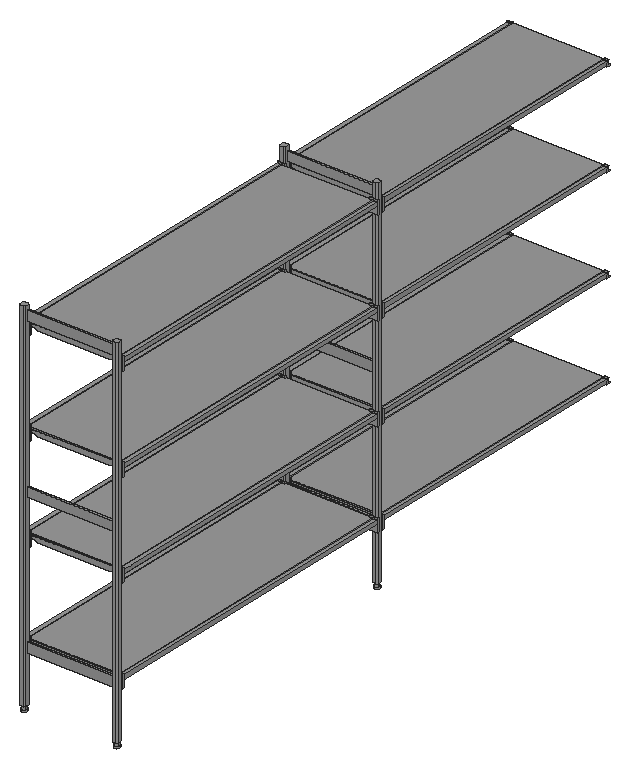
Revit family "QF_ELECTROLUXPROFESSIONAL_137089_CLS2903", category Attrezzature speciali, Revit 2020
Family settings
  Quota connettore circolare = Usa diametro
  Tipo di parte = Normale
  Basato su piano di lavoro = No
  Sempre verticale = Sì
  Taglio con vuoti quando caricato = No
  Condiviso = No
  Punto di calcolo locali = No
Parameters (values of type "Standard")
  Weight = 48.00 kg
  Watts = 0 W
  Volts = 0 V
  URL Manufacturer = "https://www.electroluxprofessional.com/"
  URL = "https://www.electroluxprofessional.com/"
  Steam Supply Size = 0 mm
  Steam Supply Minimum Pressure = 0.0 Pa
  Steam Supply Maximum Pressure = 0.0 Pa
  Steam Consumption per Hour = 0
  Refrigeration Suction Line Size = 0.0 mm
  Refrigeration Liquid Line Size = 0.0 mm
  Refrigerant Compressor Remote = yes
  Prospetto di default = 0.0 mm
  Phase = 0
  Modello = "CLS2903"
  Produttore = "Electrolux Professional"
  Length Actual = 2907.0 mm  # constant formula
  Item Number = "137089"
  Hot Water Size = 0 mm
  Height Actual = 1700.0 mm  # constant formula
  HP = "0 HP"
  Gas Size = 0 mm
  Gas KW = 0
  Gas Input Pressure = 0 W
  Direct Waste Size = 0 mm
  Descrizione = "ALUM.CORNER SHELV.-POLY.TIERS-475X2907MM"
  Depth Actual = 475.0 mm  # constant formula
  Cycle = 0 Hz
  Condensate Return Size = 0 mm
  Compressed Air Volume = 0.0 L/s
  Compressed Air Size = 0 mm
  Compressed Air Pressure = 0.0 Pa
  Cold Water Size = 0 mm
  Accessory = yes
Reference planes
  plane 1: z = 0
  plane 2 "CenterLeft": y = -535.5
  plane 3 "FRONT": y = -921.5
  plane 4 "LEFT": x = 192.5
  plane 5 "RIGHT": x = 667.5
  plane 6 "TOP": z = 1700
  plane 7: y = -889.5
  plane 8: y = 615.5
  plane 9 "Center (Left/Back)": x = 430
  plane 10: x = 256
  plane 11: x = 668
  plane 12 "FEET": z = 25
  plane 13: z = 275
  plane 14: z = 725
  plane 15: z = 1175
  plane 16: z = 1625
  plane 17 "CXLeft": y = -907.5
  plane 18 "Center (Front/Back)": y = 633.5
  plane 19 "CYFront": x = 510
  plane 20: y = 1981.5
  plane 21: y = 651.5
  plane 22 "BACK": y = 1985.5
  plane 23 "LEFT_ORIGIN": x = 158.5
  plane 24 "BACK_ORIGIN": y = 2460.5
Forms (mm)
  Extrusion 1, solid, material "QF_Aluminum"
    sketch origin (38.022, -921.5, -4.006) x (-1, 0, 0) y (0, 0, 1)
      loop
        line (-189.5, 1637.003) -> (-173.5, 1637.003) -> (-173.5, 1655) -> (-175.493, 1655) -> (-175.493, 1648.501) -> (-608.5, 1648.501) -> (-608.5, 1655) -> (-610.5, 1655) -> (-610.5, 1637.003) -> (-594.5, 1637.003) -> (-560.5, 1625) -> (-223.5, 1625) -> (-189.5, 1637.003)
      loop
        line (-189.5, 1187.003) -> (-173.5, 1187.003) -> (-173.5, 1205) -> (-175.493, 1205) -> (-175.493, 1198.501) -> (-608.5, 1198.501) -> (-608.5, 1205) -> (-610.5, 1205) -> (-610.5, 1187.003) -> (-594.5, 1187.003) -> (-560.5, 1175) -> (-223.5, 1175) -> (-189.5, 1187.003)
      loop
        line (-189.5, 737.003) -> (-173.5, 737.003) -> (-173.5, 755) -> (-175.493, 755) -> (-175.493, 748.501) -> (-608.5, 748.501) -> (-608.5, 755) -> (-610.5, 755) -> (-610.5, 737.003) -> (-594.5, 737.003) -> (-560.5, 725) -> (-223.5, 725) -> (-189.5, 737.003)
      loop
        line (-189.5, 287.003) -> (-173.5, 287.003) -> (-173.5, 305) -> (-175.493, 305) -> (-175.493, 298.501) -> (-608.5, 298.501) -> (-608.5, 305) -> (-610.5, 305) -> (-610.5, 287.003) -> (-594.5, 287.003) -> (-560.5, 275) -> (-223.5, 275) -> (-189.5, 287.003)
    from 37 to 32
  Extrusion 2, solid, material "QF_Aluminum"
    sketch origin (38.022, -921.5, 0) x (-1, 0, 0) y (0, 0, 1)
      loop
        line (-154.478, 246.005) -> (-154.478, 307.993) -> (-190.471, 307.993) -> (-190.471, 246.005) -> (-154.478, 246.005)
      loop
        line (-593.484, 246.005) -> (-593.484, 307.993) -> (-629.478, 307.993) -> (-629.478, 246.005) -> (-593.484, 246.005)
      loop
        line (-154.478, 696.005) -> (-154.478, 757.993) -> (-190.471, 757.993) -> (-190.471, 696.005) -> (-154.478, 696.005)
      loop
        line (-593.484, 696.005) -> (-593.484, 757.993) -> (-629.478, 757.993) -> (-629.478, 696.005) -> (-593.484, 696.005)
      loop
        line (-154.478, 1146.005) -> (-154.478, 1207.993) -> (-190.471, 1207.993) -> (-190.471, 1146.005) -> (-154.478, 1146.005)
      loop
        line (-593.484, 1146.005) -> (-593.484, 1207.993) -> (-629.478, 1207.993) -> (-629.478, 1146.005) -> (-593.484, 1146.005)
      loop
        line (-154.478, 1596.005) -> (-154.478, 1657.993) -> (-190.471, 1657.993) -> (-190.471, 1596.005) -> (-154.478, 1596.005)
      loop
        line (-593.484, 1596.005) -> (-593.484, 1657.993) -> (-629.478, 1657.993) -> (-629.478, 1596.005) -> (-593.484, 1596.005)
    from 28 to 32
  Extrusion 3, solid, material "QF_Aluminum"
    sketch origin (38.022, -921.5, 0) x (-1, 0, 0) y (0, 0, 1)
      loop
        line (-154.5, 1650.994) -> (-173.5, 1650.994) -> (-173.5, 1632.998) -> (-154.5, 1632.998) -> (-154.5, 1650.994)
      loop
        line (-154.5, 1200.994) -> (-173.5, 1200.994) -> (-173.5, 1182.998) -> (-154.5, 1182.998) -> (-154.5, 1200.994)
      loop
        line (-154.5, 750.994) -> (-173.5, 750.994) -> (-173.5, 732.998) -> (-154.5, 732.998) -> (-154.5, 750.994)
      loop
        line (-154.5, 300.994) -> (-173.5, 300.994) -> (-173.5, 282.998) -> (-154.5, 282.998) -> (-154.5, 300.994)
      loop
        line (-629.455, 1650.994) -> (-629.455, 1632.998) -> (-610.455, 1632.998) -> (-610.455, 1650.994) -> (-629.455, 1650.994)
      loop
        line (-629.455, 1200.994) -> (-629.455, 1182.998) -> (-610.455, 1182.998) -> (-610.455, 1200.994) -> (-629.455, 1200.994)
      loop
        line (-629.455, 750.994) -> (-629.455, 732.998) -> (-610.455, 732.998) -> (-610.455, 750.994) -> (-629.455, 750.994)
      loop
        line (-629.455, 300.994) -> (-629.455, 282.998) -> (-610.455, 282.998) -> (-610.455, 300.994) -> (-629.455, 300.994)
    from 32 to 1537
  Extrusion 4, solid, material "QF_Polyethylene"
    sketch origin (38.022, -921.5, 0) x (-1, 0, 0) y (0, 0, 1)
      loop
        line (-175.493, 1650.994) -> (-608.5, 1650.994) -> (-608.5, 1644.496) -> (-175.493, 1644.496) -> (-175.493, 1650.994)
      loop
        line (-175.493, 1200.994) -> (-608.5, 1200.994) -> (-608.5, 1194.496) -> (-175.493, 1194.496) -> (-175.493, 1200.994)
      loop
        line (-175.493, 750.994) -> (-608.5, 750.994) -> (-608.5, 744.496) -> (-175.493, 744.496) -> (-175.493, 750.994)
      loop
        line (-175.493, 300.994) -> (-608.5, 300.994) -> (-608.5, 294.496) -> (-175.493, 294.496) -> (-175.493, 300.994)
    from 32 to 1537
  Extrusion 5, solid, material "QF_Aluminum"
    sketch origin (38.022, 684.5, 0) x (-1, 0, 0) y (0, 0, 1)
      loop
        line (-154.5, 1650.994) -> (-173.5, 1650.994) -> (-173.5, 1632.998) -> (-154.5, 1632.998) -> (-154.5, 1650.994)
      loop
        line (-610.455, 1650.994) -> (-629.455, 1650.994) -> (-629.455, 1632.998) -> (-610.455, 1632.998) -> (-610.455, 1650.994)
      loop
        line (-154.5, 1200.994) -> (-173.5, 1200.994) -> (-173.5, 1182.998) -> (-154.5, 1182.998) -> (-154.5, 1200.994)
      loop
        line (-610.455, 1200.994) -> (-629.455, 1200.994) -> (-629.455, 1182.998) -> (-610.455, 1182.998) -> (-610.455, 1200.994)
      loop
        line (-154.5, 750.994) -> (-173.5, 750.994) -> (-173.5, 732.998) -> (-154.5, 732.998) -> (-154.5, 750.994)
      loop
        line (-610.455, 750.994) -> (-629.455, 750.994) -> (-629.455, 732.998) -> (-610.455, 732.998) -> (-610.455, 750.994)
      loop
        line (-154.5, 300.994) -> (-173.5, 300.994) -> (-173.5, 282.998) -> (-154.5, 282.998) -> (-154.5, 300.994)
      loop
        line (-610.455, 300.994) -> (-629.455, 300.994) -> (-629.455, 282.998) -> (-610.455, 282.998) -> (-610.455, 300.994)
    from 1297 to -33
  Extrusion 6, solid, material "QF_Polyethylene"
    sketch origin (38.022, 684.5, 0) x (-1, 0, 0) y (0, 0, 1)
      loop
        line (-175.493, 1650.994) -> (-608.5, 1650.994) -> (-608.5, 1644.496) -> (-175.493, 1644.496) -> (-175.493, 1650.994)
      loop
        line (-175.493, 1200.994) -> (-608.5, 1200.994) -> (-608.5, 1194.496) -> (-175.493, 1194.496) -> (-175.493, 1200.994)
      loop
        line (-175.493, 750.994) -> (-608.5, 750.994) -> (-608.5, 744.496) -> (-175.493, 744.496) -> (-175.493, 750.994)
      loop
        line (-175.493, 300.994) -> (-608.5, 300.994) -> (-608.5, 294.496) -> (-175.493, 294.496) -> (-175.493, 300.994)
    from 1297 to -33
Lines and regions (mm)
  symbolic lines
    curve 1: line (256, -912.5, 1700) -> (668, -912.5, 1700)
    curve 2: line (668, -902.5, 1700) -> (256, -902.5, 1700)
    curve 3: line (192.5, -893.5, 1700) -> (192.5, 619.5, 1700)
    curve 4: line (667.5, -889.5, 1700) -> (667.5, 615.5, 1700)
    curve 5: line (192.5, 647.5, 1700) -> (192.5, 1985.5, 1700)
    curve 6: line (667.5, 647.5, 1700) -> (667.5, 1985.5, 1700)
    curve 7: line (648.478, 615.5, 1700) -> (648.478, -889.5, 1700)
    curve 8: line (211.522, -889.5, 1700) -> (211.522, 615.5, 1700)
    curve 9: line (211.522, 651.5, 1700) -> (211.522, 1981.5, 1700)
    curve 10: line (648.478, 1981.5, 1700) -> (648.478, 651.5, 1700)
Dimensions and locks
  plane 3 "FRONT" to plane 2 "CenterLeft" = 386.0 mm
  locked: plane 6 "TOP" to level at 1700
  locked: plane 7 to plane 8 at 1505
  locked: plane 10 to plane 11 at 412
  plane 10 to plane 9 "Center (Left/Back)" to plane 11 = 174.0 mm, 238.0 mm
  equal spacing: plane 4 "LEFT", plane 9 "Center (Left/Back)", plane 5 "RIGHT"
  plane 12 "FEET" to level = 25.0 mm
  plane 6 "TOP" to plane 12 "FEET" = 1675.0 mm
  plane 13 to plane 12 "FEET" = 250.0 mm
  plane 14 to plane 13 = 450.0 mm
  plane 15 to plane 14 = 450.0 mm
  plane 16 to plane 15 = 450.0 mm
  locked: plane 21 to plane 20 at 1330
  locked: plane 8 to plane 18 "Center (Front/Back)" at 18
  locked: plane 18 "Center (Front/Back)" to plane 21 at 18
  locked: plane 3 "FRONT" to plane 7 at 32
  locked: plane 4 "LEFT" to plane 5 "RIGHT" at 475
  locked: plane 23 "LEFT_ORIGIN" to plane 5 "RIGHT" at 509
  locked: plane 22 "BACK" to plane 24 "BACK_ORIGIN" at 475
  locked: plane 22 "BACK" to plane 3 "FRONT" at 2907
  aligned and locked: level to plane 1
  aligned and locked: Extrusion 1 to plane 7
  aligned and locked: plane 7 to Extrusion 2
  aligned and locked: Extrusion 4 to plane 7
  aligned and locked: plane 8 to Extrusion 4
  aligned and locked: Extrusion 3 to plane 7
  aligned and locked: plane 8 to Extrusion 3
  aligned and locked: Extrusion 1 sketch curve to Extrusion 1 sketch curve  (x3)
  aligned and locked: Extrusion 5 sketch curve to Extrusion 5 sketch curve  (x2)
  aligned and locked: Extrusion 5 to plane 21  (x5)
  aligned and locked: Extrusion 6 to plane 21  (x5)
  aligned and locked: nested 2 to plane 18 "Center (Front/Back)"
  aligned and locked: plane 17 "CXLeft" to nested 1
  aligned and locked: plane 7 to Extrusion 3  (x3)
  aligned and locked: Extrusion 3 to plane 8  (x4)
  aligned and locked: Extrusion 4 to plane 8  (x4)
  aligned and locked: plane 20 to Extrusion 5
  aligned and locked: plane 20 to Extrusion 6
  aligned and locked: Extrusion 5 to plane 20  (x3)
  aligned and locked: Extrusion 6 to plane 20  (x3)
  aligned and locked: plane 9 "Center (Left/Back)" to nested 2
  aligned and locked: nested 3 to plane 22 "BACK"
Automatic sketch dimensions
  Extrusion 1 sketch curve to plane 19 "CYFront" = 138.522 mm  (x4)
  plane 11 to Extrusion 1 sketch curve = 35.478 mm  (x4)
  Extrusion 1 sketch curve to plane 13 = 4.006 mm
  Extrusion 1 sketch curve to Extrusion 1 sketch curve = 34.0 mm  (x4)
  Extrusion 1 sketch curve to plane 14 = 4.006 mm
  Extrusion 1 sketch curve to plane 15 = 4.006 mm
  Extrusion 1 sketch curve to plane 16 = 4.006 mm
  Extrusion 1 sketch curve to plane 10 = 5.522 mm  (x4)
  plane 10 to Extrusion 1 sketch curve = 28.478 mm  (x4)
  plane 13 to Extrusion 1 sketch curve = 7.998 mm  (x2)
  Extrusion 1 sketch curve to Extrusion 1 sketch curve = 11.498 mm  (x4)
  Extrusion 1 sketch curve to Extrusion 1 sketch curve = 6.499 mm  (x8)
  plane 14 to Extrusion 1 sketch curve = 7.998 mm  (x2)
  plane 15 to Extrusion 1 sketch curve = 7.998 mm  (x2)
  plane 16 to Extrusion 1 sketch curve = 7.998 mm  (x2)
  plane 5 "RIGHT" to Extrusion 2 sketch curve = 35.993 mm  (x4)
  Extrusion 2 sketch curve to plane 4 "LEFT" = 0.0 mm  (x4)
  plane 11 to Extrusion 2 sketch curve = 0.5 mm  (x4)
  plane 10 to Extrusion 2 sketch curve = 27.507 mm  (x4)
  Extrusion 2 sketch curve to plane 13 = 28.995 mm  (x2)
  plane 13 to Extrusion 2 sketch curve = 32.993 mm  (x2)
  Extrusion 2 sketch curve to plane 14 = 28.995 mm  (x2)
  plane 14 to Extrusion 2 sketch curve = 32.993 mm  (x2)
  Extrusion 2 sketch curve to plane 15 = 28.995 mm  (x2)
  plane 15 to Extrusion 2 sketch curve = 32.993 mm  (x2)
  Extrusion 2 sketch curve to plane 16 = 28.995 mm  (x2)
  plane 16 to Extrusion 2 sketch curve = 32.993 mm  (x2)
  plane 13 to Extrusion 4 sketch curve = 19.496 mm
  Extrusion 4 sketch curve to Extrusion 4 sketch curve = 6.499 mm  (x4)
  plane 14 to Extrusion 4 sketch curve = 19.496 mm
  plane 15 to Extrusion 4 sketch curve = 19.496 mm
  plane 16 to Extrusion 4 sketch curve = 19.496 mm
  plane 5 "RIGHT" to Extrusion 5 sketch curve = 0.022 mm  (x4)
  Extrusion 5 sketch curve to plane 4 "LEFT" = 19.022 mm  (x4)
  Extrusion 5 sketch curve to plane 19 "CYFront" = 138.478 mm  (x2)
  plane 13 to Extrusion 5 sketch curve = 7.998 mm  (x2)
  Extrusion 5 sketch curve to Extrusion 5 sketch curve = 17.997 mm  (x8)
  plane 14 to Extrusion 5 sketch curve = 7.998 mm  (x2)
  plane 15 to Extrusion 5 sketch curve = 7.998 mm  (x2)
  plane 16 to Extrusion 5 sketch curve = 7.998 mm  (x2)
  Extrusion 6 sketch curve to plane 19 "CYFront" = 136.522 mm  (x4)
  plane 13 to Extrusion 6 sketch curve = 19.496 mm
  Extrusion 6 sketch curve to Extrusion 6 sketch curve = 6.499 mm  (x4)
  plane 14 to Extrusion 6 sketch curve = 19.496 mm
  plane 15 to Extrusion 6 sketch curve = 19.496 mm
  plane 16 to Extrusion 6 sketch curve = 19.496 mm
  plane 5 "RIGHT" to Extrusion 3 sketch curve = 0.022 mm  (x4)
  Extrusion 3 sketch curve to Extrusion 3 sketch curve = 19.0 mm  (x4)
  plane 14 to Extrusion 3 sketch curve = 7.998 mm  (x2)
  plane 10 to Extrusion 3 sketch curve = 44.478 mm  (x4)
  Extrusion 3 sketch curve to plane 4 "LEFT" = 0.022 mm  (x4)
  plane 13 to Extrusion 3 sketch curve = 25.994 mm  (x2)
  plane 13 to Extrusion 3 sketch curve = 7.998 mm  (x2)
  Extrusion 3 sketch curve to Extrusion 3 sketch curve = 17.997 mm  (x6)
  plane 15 to Extrusion 3 sketch curve = 7.998 mm  (x2)
  plane 16 to Extrusion 3 sketch curve = 7.998 mm  (x2)
  plane 10 to Extrusion 1 sketch curve = 42.484 mm  (x4)
  plane 10 to Extrusion 1 sketch curve = 44.478 mm  (x2)
  Extrusion 1 sketch curve to Extrusion 1 sketch curve = 1.993 mm  (x2)
  plane 10 to Extrusion 4 sketch curve = 42.484 mm  (x4)
  Extrusion 5 sketch curve to plane 4 "LEFT" = 0.022 mm  (x4)
  plane 10 to Extrusion 6 sketch curve = 42.484 mm  (x4)
  Extrusion 1 sketch curve to Extrusion 1 sketch curve = 2.0 mm
  plane 5 "RIGHT" to Extrusion 4 sketch curve = 20.978 mm  (x4)
  curve 1 to plane 11 = 0.0 mm
  curve 1 to plane 10 = 0.0 mm
  curve 2 to plane 10 = 0.0 mm
  curve 2 to plane 11 = 0.0 mm
  curve 3 to plane 4 "LEFT" = 0.0 mm
  curve 4 to plane 5 "RIGHT" = 0.0 mm
  plane 7 to curve 4 = 0.0 mm
  plane 7 to curve 8 = 0.0 mm
  plane 8 to curve 8 = 0.0 mm
  plane 8 to curve 7 = 0.0 mm
  plane 8 to curve 4 = 0.0 mm
  curve 5 to plane 4 "LEFT" = 0.0 mm
  curve 6 to plane 5 "RIGHT" = 0.0 mm
  plane 20 to curve 9 = 0.0 mm
  plane 22 "BACK" to curve 5 = 0.0 mm
  plane 22 "BACK" to curve 6 = 0.0 mm
  plane 7 to curve 3 = 4.0 mm
  plane 17 "CXLeft" to curve 2 = 5.0 mm
  curve 1 to plane 17 "CXLeft" = 5.0 mm
  curve 3 to plane 8 = 4.0 mm
  curve 6 to plane 21 = 4.0 mm
  curve 9 to plane 4 "LEFT" = 19.022 mm
  curve 8 to plane 4 "LEFT" = 19.022 mm
  curve 9 to plane 21 = 0.0 mm
  plane 21 to curve 10 = 0.0 mm
  curve 5 to plane 21 = 4.0 mm
  plane 7 to curve 7 = 0.0 mm
  curve 4 to curve 7 = 19.022 mm
  plane 20 to curve 10 = 0.0 mm
  plane 5 "RIGHT" to curve 10 = 19.022 mm
Nested families
  nested 1: "WT_Anta475" at (215.5, -504.5, 0) x (0, 1, 0) z (0, 0, 1), type "WT_Anta475"
  nested 2: "WT_Anta475Center" at (215.5, 1036.5, 0) x (0, 1, 0) z (0, 0, 1), type "WT_Anta475Center"
  nested 3: "WT_Aggancio475" at (215.5, 2393.5, 0) x (0, 1, 0) z (0, 0, 1), type "WT_Aggancio475"
Definition of nested family "WT_Anta475"
  Parameters
    WidthLeft = A + 64.0 mm  # 772.0 mm
    Width = 1606.0 mm
    Right = WidthLeft / 2  # 386.0 mm
    Default Elevation = 0.0 mm
    Left = -WidthLeft / 2  # -386.0 mm
    Height = 1725.0 mm
    FEET = 25.0 mm
    E = 0.0 mm
    Dint = Depth - 63.0 mm  # 412.0 mm
    Dext = Depth - 8.0 mm  # 467.0 mm
    Depth = 475.0 mm
    DX = (WidthLeft - A) / 2  # 32.0 mm
    B = 798.0 mm
    A = 708.0 mm
  Reference planes
    plane 1: z = 0
    plane 2 "LEFT": x = -417
    plane 3 "BACK": y = 23
    plane 4 "FRONT": y = -452
    plane 5 "TOP": z = 1725
    plane 6 "Center (Front/Back)": y = -214.5
    plane 7: y = -8.5
    plane 8: y = -420.5
    plane 9 "FEET": z = 25
    plane 10: z = 275
    plane 11: z = 725
    plane 12: z = 1175
    plane 13: z = 1625
    plane 14 "CXLeft": x = -403
    plane 15: y = 5.5
    plane 16 "CYBack": y = 5.5
    plane 17 "CYFront": y = -434.5
    plane 18: x = -385.031
    plane 19: x = -380.031
  Forms (mm)
    Extrusion 1, solid
      sketch origin (0, 0, 0) x (1, 0, 0) y (0, 1, 0)
        loop
          line (-417, 13.246) -> (-417, -2.246) -> (-410.746, -8.5) -> (-395.254, -8.5) -> (-389, -2.246) -> (-389, 13.246) -> (-395.254, 19.5) -> (-410.746, 19.5) -> (-417, 13.246)
      from 1725 to 25
    Extrusion 2, solid
      sketch origin (-417, 0, 0) x (0, 1, 0) y (0, 0, 1)
        loop
          line (23, 246.005) -> (23, 307.993) -> (-12.993, 307.993) -> (-12.993, 246.005) -> (23, 246.005)
        loop
          line (-452, 246.005) -> (-416.007, 246.005) -> (-416.007, 307.993) -> (-452, 307.993) -> (-452, 246.005)
        loop
          line (23, 696.005) -> (23, 757.993) -> (-12.993, 757.993) -> (-12.993, 696.005) -> (23, 696.005)
        loop
          line (-452, 696.005) -> (-416.007, 696.005) -> (-416.007, 757.993) -> (-452, 757.993) -> (-452, 696.005)
        loop
          line (23, 1146.005) -> (23, 1207.993) -> (-12.993, 1207.993) -> (-12.993, 1146.005) -> (23, 1146.005)
        loop
          line (-452, 1146.005) -> (-416.007, 1146.005) -> (-416.007, 1207.993) -> (-452, 1207.993) -> (-452, 1146.005)
        loop
          line (23, 1596.005) -> (23, 1657.993) -> (-12.993, 1657.993) -> (-12.993, 1596.005) -> (23, 1596.005)
        loop
          line (-452, 1596.005) -> (-416.007, 1596.005) -> (-416.007, 1657.993) -> (-452, 1657.993) -> (-452, 1596.005)
      from 28 to 32
    Revolve 3, solid
      sketch origin (-403, 0, 0) x (0, 1, 0) y (0, 0, 1)
        loop
          line (5.5, 25) -> (5.5, 0) -> (19, 0) -> (19, 5) -> (14, 5) -> (14, 25) -> (5.5, 25)
        axis (5.5, 25) -> (5.5, 0)
      angle from 0 to 360
    Extrusion 4, solid
      sketch origin (-403, 0, 0) x (0, 1, 0) y (0, 0, 1)
        loop
          line (-8.5, 912.382) -> (-8.5, 957.374) -> (-420.5, 957.374) -> (-420.5, 912.382) -> (-8.5, 912.382)
        loop
          line (-8.5, 1662.244) -> (-8.5, 1707.236) -> (-420.5, 1707.236) -> (-420.5, 1662.244) -> (-8.5, 1662.244)
      from -5 to 5
    Revolve 5, solid
      sketch origin (-403, -627, 0) x (0, -1, 0) y (0, 0, 1)
        loop
          line (-192.5, 25) -> (-192.5, 0) -> (-179, 0) -> (-179, 5) -> (-184, 5) -> (-184, 25) -> (-192.5, 25)
        axis (-192.5, 25) -> (-192.5, 0)
      angle from 0 to 360
    Extrusion 6, solid
      sketch origin (0, -627, 0) x (1, 0, 0) y (0, 1, 0)
        loop
          line (-417, 184.754) -> (-410.746, 178.5) -> (-395.254, 178.5) -> (-389, 184.754) -> (-389, 200.246) -> (-395.254, 206.5) -> (-410.746, 206.5) -> (-417, 200.246) -> (-417, 184.754)
      from 1725 to 25
    Extrusion 7, solid
      sketch origin (-417.031, -0.022, 0) x (0, 1, 0) y (0, 0, -1)
        loop
          line (-12, -1632.998) -> (-46, -1620.994) -> (-383, -1620.994) -> (-417, -1632.998) -> (-433, -1632.998) -> (-433, -1650.994) -> (-431, -1650.994) -> (-431, -1644.496) -> (2.007, -1644.496) -> (2.007, -1650.994) -> (4, -1650.994) -> (4, -1632.998) -> (-12, -1632.998)
        loop
          line (-12, -1182.998) -> (-46, -1170.994) -> (-383, -1170.994) -> (-417, -1182.998) -> (-433, -1182.998) -> (-433, -1200.994) -> (-431, -1200.994) -> (-431, -1194.496) -> (2.007, -1194.496) -> (2.007, -1200.994) -> (4, -1200.994) -> (4, -1182.998) -> (-12, -1182.998)
        loop
          line (-12, -732.998) -> (-46, -720.994) -> (-383, -720.994) -> (-417, -732.998) -> (-433, -732.998) -> (-433, -750.994) -> (-431, -750.994) -> (-431, -744.496) -> (2.007, -744.496) -> (2.007, -750.994) -> (4, -750.994) -> (4, -732.998) -> (-12, -732.998)
        loop
          line (-12, -282.998) -> (-46, -270.994) -> (-383, -270.994) -> (-417, -282.998) -> (-433, -282.998) -> (-433, -300.994) -> (-431, -300.994) -> (-431, -294.496) -> (2.007, -294.496) -> (2.007, -300.994) -> (4, -300.994) -> (4, -282.998) -> (-12, -282.998)
      from -32 to -37
    Extrusion 8, solid
      sketch origin (-403, 0, -659.878) x (0, 1, 0) y (0, 0, 1)
        loop
          line (-8.5, 912.382) -> (-8.5, 957.374) -> (-420.5, 957.374) -> (-420.5, 912.382) -> (-8.5, 912.382)
        loop
          line (-8.5, 1572.382) -> (-8.5, 1617.374) -> (-420.5, 1617.374) -> (-420.5, 1572.382) -> (-8.5, 1572.382)
        loop
          line (-8.5, 2322.382) -> (-8.5, 2367.374) -> (-420.5, 2367.374) -> (-420.5, 2322.382) -> (-8.5, 2322.382)
      from -5 to 5
  Lines and regions (mm)
    symbolic lines
      curve 1: line (-408, -8.5, 1725) -> (-408, -420.5, 1725)
      curve 2: line (-398, -420.5, 1725) -> (-398, -8.5, 1725)
      curve 3: line (-395.254, -8.5, 1725) -> (-410.746, -8.5, 1725)
      curve 4: line (-417, -2.246, 1725) -> (-410.746, -8.5, 1725)
      curve 5: line (-417, 13.246, 1725) -> (-417, -2.246, 1725)
      curve 6: line (-410.746, 19.5, 1725) -> (-417, 13.246, 1725)
      curve 7: line (-395.254, 19.5, 1725) -> (-410.746, 19.5, 1725)
      curve 8: line (-389, 13.246, 1725) -> (-395.254, 19.5, 1725)
      curve 9: line (-395.254, -8.5, 1725) -> (-389, -2.246, 1725)
      curve 10: line (-395.254, -420.5, 1725) -> (-410.746, -420.5, 1725)
      curve 11: line (-417, -426.754, 1725) -> (-410.746, -420.5, 1725)
      curve 12: line (-410.746, -448.5, 1725) -> (-417, -442.246, 1725)
      curve 13: line (-395.254, -448.5, 1725) -> (-410.746, -448.5, 1725)
      curve 14: line (-389, -442.246, 1725) -> (-395.254, -448.5, 1725)
      curve 15: line (-395.254, -420.5, 1725) -> (-389, -426.754, 1725)
      curve 16: line (-389, -452, 1725) -> (-389, -416.007, 1725)
      curve 17: line (-389, -416.007, 1725) -> (-385, -416.007, 1725)
      curve 18: line (-389, 23, 1725) -> (-389, -12.993, 1725)
      curve 19: line (-389, -12.993, 1725) -> (-385, -12.993, 1725)
      curve 20: line (-417, -426.754, 1725) -> (-417, -442.246, 1725)
      curve 21: line (-385, -452, 1725) -> (-385, -416.007, 1725)
      curve 22: line (-385, -452, 1725) -> (-389, -452, 1725)
      curve 23: line (-385, 23, 1725) -> (-389, 23, 1725)
      curve 24: line (-385, -12.993, 1725) -> (-385, 23, 1725)
      curve 25: line (-385.031, -13.016, 1725) -> (-385.031, -416.029, 1725)
  Dimensions and locks
    "Height": plane 5 "TOP" to level
    "Depth": plane 3 "BACK" to plane 4 "FRONT"
    "Dint": plane 7 to plane 8
    equal spacing: plane 7, plane 6 "Center (Front/Back)", plane 8
    equal spacing: plane 3 "BACK", plane 6 "Center (Front/Back)", plane 4 "FRONT"
    plane 9 "FEET" to level = 25.0 mm
    plane 5 "TOP" to plane 9 "FEET" = 1700.0 mm
    plane 10 to plane 9 "FEET" = 250.0 mm
    plane 11 to plane 10 = 450.0 mm
    plane 12 to plane 11 = 450.0 mm
    plane 13 to plane 12 = 450.0 mm
    locked: plane 2 "LEFT" to plane 14 "CXLeft" at 14
    locked: plane 3 "BACK" to plane 16 "CYBack" at 17.5
    locked: plane 17 "CYFront" to plane 4 "FRONT" at 17.5
    locked: Revolve 3 sketch curve to Revolve 3 sketch curve at 8.5
    locked: Revolve 3 sketch curve to plane 16 "CYBack" at 13.5
    locked: Revolve 5 sketch curve to Revolve 5 sketch curve at 8.5
    aligned and locked: level to plane 1
    aligned and locked: curve 20 to Extrusion 6
    aligned and locked: plane 5 "TOP" to Extrusion 1
    aligned and locked: plane 5 "TOP" to Extrusion 6
    aligned and locked: Extrusion 7 sketch curve to Extrusion 7 sketch curve  (x3)
  Automatic sketch dimensions
    curve 16 to plane 4 "FRONT" = 0.0 mm
    curve 11 to plane 8 = 0.0 mm
    curve 9 to plane 7 = 0.0 mm
    curve 5 to plane 2 "LEFT" = 0.0 mm
    curve 23 to plane 3 "BACK" = 0.0 mm
    plane 4 "FRONT" to curve 13 = 3.5 mm
    curve 20 to plane 17 "CYFront" = 7.746 mm
    curve 20 to plane 8 = 6.254 mm
    plane 8 to curve 16 = 4.493 mm
    curve 24 to plane 18 = 0.031 mm
    curve 24 to plane 7 = 4.493 mm
    plane 7 to curve 5 = 6.254 mm
    curve 5 to plane 15 = 7.746 mm
    curve 6 to plane 3 "BACK" = 3.5 mm
    curve 21 to plane 18 = 0.031 mm
    plane 18 to curve 23 = 3.969 mm
    plane 18 to curve 16 = 3.969 mm
    curve 18 to curve 8 = 6.254 mm
    curve 18 to curve 3 = 6.254 mm
    curve 16 to curve 13 = 6.254 mm
    curve 16 to curve 15 = 6.254 mm
    plane 2 "LEFT" to curve 10 = 6.254 mm
    plane 2 "LEFT" to curve 7 = 6.254 mm
    plane 2 "LEFT" to curve 12 = 6.254 mm
    plane 2 "LEFT" to curve 3 = 6.254 mm
    curve 14 to plane 17 "CYFront" = 7.746 mm
    curve 15 to plane 8 = 6.254 mm
    plane 7 to curve 9 = 6.254 mm
    curve 8 to plane 15 = 7.746 mm
    curve 3 to curve 2 = 2.746 mm
    curve 1 to curve 10 = 2.746 mm
    Extrusion 1 sketch curve to plane 2 "LEFT" = 0.0 mm
    Extrusion 1 sketch curve to plane 7 = 0.0 mm
    plane 2 "LEFT" to Extrusion 1 sketch curve = 6.254 mm  (x2)
    plane 14 "CXLeft" to Extrusion 1 sketch curve = 7.746 mm  (x2)
    Extrusion 1 sketch curve to plane 3 "BACK" = 3.5 mm
    plane 18 to Extrusion 1 sketch curve = 3.969 mm
    plane 7 to Extrusion 1 sketch curve = 6.254 mm  (x2)
    Extrusion 1 sketch curve to plane 15 = 7.746 mm  (x2)
    Extrusion 2 sketch curve to plane 4 "FRONT" = 0.0 mm  (x4)
    Extrusion 2 sketch curve to plane 3 "BACK" = 0.0 mm  (x4)
    plane 8 to Extrusion 2 sketch curve = 4.493 mm  (x4)
    Extrusion 2 sketch curve to plane 7 = 4.493 mm  (x4)
    Extrusion 2 sketch curve to plane 10 = 28.995 mm  (x2)
    plane 10 to Extrusion 2 sketch curve = 32.993 mm  (x2)
    Extrusion 2 sketch curve to plane 11 = 28.995 mm  (x2)
    plane 11 to Extrusion 2 sketch curve = 32.993 mm  (x2)
    Extrusion 2 sketch curve to plane 12 = 28.995 mm  (x2)
    plane 12 to Extrusion 2 sketch curve = 32.993 mm  (x2)
    Extrusion 2 sketch curve to plane 13 = 28.995 mm  (x2)
    plane 13 to Extrusion 2 sketch curve = 32.993 mm  (x2)
    Revolve 3 sketch curve to plane 9 "FEET" = 0.0 mm  (x2)
    Revolve 3 sketch curve to plane 15 = 0.0 mm  (x2)
    Revolve 3 sketch curve to level = 0.0 mm
    level to Revolve 3 sketch curve = 5.0 mm
    Revolve 3 sketch curve to Revolve 3 sketch curve = 11.655 mm
    Extrusion 4 sketch curve to plane 8 = 0.0 mm  (x2)
    Extrusion 4 sketch curve to plane 7 = 0.0 mm  (x2)
    plane 11 to Extrusion 4 sketch curve = 187.382 mm
    Extrusion 4 sketch curve to Extrusion 4 sketch curve = 44.992 mm
    plane 13 to Extrusion 4 sketch curve = 37.244 mm
    Extrusion 4 sketch curve to plane 5 "TOP" = 17.764 mm
    Revolve 5 sketch curve to plane 9 "FEET" = 0.0 mm  (x2)
    Revolve 5 sketch curve to plane 17 "CYFront" = 0.0 mm  (x2)
    Revolve 5 sketch curve to level = 0.0 mm
    Revolve 5 sketch curve to plane 4 "FRONT" = 4.0 mm
    Revolve 5 sketch curve to Revolve 5 sketch curve = 5.0 mm
    level to Revolve 5 sketch curve = 11.655 mm
    Extrusion 6 sketch curve to plane 2 "LEFT" = 0.0 mm
    Extrusion 6 sketch curve to plane 8 = 0.0 mm
    Extrusion 6 sketch curve to plane 2 "LEFT" = 6.254 mm  (x2)
    Extrusion 6 sketch curve to plane 14 "CXLeft" = 7.746 mm  (x2)
    Extrusion 6 sketch curve to plane 4 "FRONT" = 3.5 mm
    Extrusion 6 sketch curve to plane 18 = 3.969 mm
    plane 8 to Extrusion 6 sketch curve = 6.254 mm  (x2)
    plane 17 "CYFront" to Extrusion 6 sketch curve = 7.746 mm  (x2)
    plane 17 "CYFront" to Extrusion 7 sketch curve = 1.478 mm  (x4)
    Extrusion 7 sketch curve to Extrusion 7 sketch curve = 2.0 mm
    plane 8 to Extrusion 7 sketch curve = 3.478 mm  (x4)
    Extrusion 7 sketch curve to plane 10 = 4.006 mm
    Extrusion 7 sketch curve to Extrusion 7 sketch curve = 34.0 mm  (x4)
    Extrusion 7 sketch curve to plane 11 = 4.006 mm
    Extrusion 7 sketch curve to plane 12 = 4.006 mm
    Extrusion 7 sketch curve to plane 13 = 4.006 mm
    Extrusion 7 sketch curve to plane 7 = 37.522 mm  (x4)
    Extrusion 7 sketch curve to plane 7 = 3.522 mm  (x4)
    plane 15 to Extrusion 7 sketch curve = 3.516 mm  (x4)
    plane 15 to Extrusion 7 sketch curve = 1.522 mm  (x4)
    plane 13 to Extrusion 7 sketch curve = 7.998 mm  (x2)
    Extrusion 7 sketch curve to Extrusion 7 sketch curve = 11.498 mm
    Extrusion 7 sketch curve to Extrusion 7 sketch curve = 6.499 mm  (x5)
    plane 12 to Extrusion 7 sketch curve = 25.994 mm  (x2)
    plane 12 to Extrusion 7 sketch curve = 7.998 mm  (x2)
    plane 11 to Extrusion 7 sketch curve = 25.994 mm  (x2)
    plane 11 to Extrusion 7 sketch curve = 7.998 mm  (x2)
    plane 10 to Extrusion 7 sketch curve = 25.994 mm  (x2)
    plane 10 to Extrusion 7 sketch curve = 7.998 mm  (x2)
    curve 25 to plane 18 = 0.0 mm
    plane 8 to curve 25 = 4.471 mm
    curve 25 to plane 7 = 4.516 mm
    Extrusion 8 sketch curve to plane 8 = 0.0 mm  (x3)
    Extrusion 8 sketch curve to plane 7 = 0.0 mm  (x3)
    Extrusion 8 sketch curve to plane 10 = 22.496 mm
    plane 10 to Extrusion 8 sketch curve = 22.496 mm
    plane 11 to Extrusion 8 sketch curve = 187.504 mm
    Extrusion 8 sketch curve to Extrusion 8 sketch curve = 44.992 mm
    plane 13 to Extrusion 8 sketch curve = 37.504 mm
    Extrusion 8 sketch curve to plane 5 "TOP" = 17.504 mm
Definition of nested family "WT_Anta475Center"
  Parameters
    WidthLeft = A + 64.0 mm  # 772.0 mm
    Width = 1606.0 mm
    Right = WidthLeft / 2  # 386.0 mm
    Default Elevation = 0.0 mm
    Left = -WidthLeft / 2  # -386.0 mm
    Height = 1725.0 mm
    FEET = 25.0 mm
    E = 0.0 mm
    Dint = Depth - 63.0 mm  # 412.0 mm
    Dext = Depth - 8.0 mm  # 467.0 mm
    Depth = 475.0 mm
    DX = (WidthLeft - A) / 2  # 32.0 mm
    B = 798.0 mm
    A = 708.0 mm
  Reference planes
    plane 1: z = 0
    plane 2 "L": x = -417
    plane 3 "BACK": y = 23
    plane 4 "FRONT": y = -452
    plane 5 "TOP": z = 1725
    plane 6 "Center (Front/Back)": y = -214.5
    plane 7: y = -8.5
    plane 8: y = -420.5
    plane 9 "FEET": z = 25
    plane 10: z = 275
    plane 11: z = 725
    plane 12: z = 1175
    plane 13: z = 1625
    plane 14 "CXLeft": x = -403
    plane 15: y = 5.5
    plane 16 "CYBack": y = 5.5
    plane 17 "CYFront": y = -434.5
    plane 18: x = -385.031
    plane 19 "RIGHT": x = -380.031
    plane 20: x = -420.969
    plane 21 "LEFT": x = -425.969
  Forms (mm)
    Extrusion 1, solid
      sketch origin (0, 0, 0) x (1, 0, 0) y (0, 1, 0)
        loop
          line (-417, 13.246) -> (-417, -2.246) -> (-410.746, -8.5) -> (-395.254, -8.5) -> (-389, -2.246) -> (-389, 13.246) -> (-395.254, 19.5) -> (-410.746, 19.5) -> (-417, 13.246)
      from 1725 to 25
    Extrusion 2, solid
      sketch origin (-417, 0, 0) x (0, 1, 0) y (0, 0, 1)
        loop
          line (23, 246.005) -> (23, 307.993) -> (-12.993, 307.993) -> (-12.993, 246.005) -> (23, 246.005)
        loop
          line (-452, 246.005) -> (-416.007, 246.005) -> (-416.007, 307.993) -> (-452, 307.993) -> (-452, 246.005)
        loop
          line (23, 696.005) -> (23, 757.993) -> (-12.993, 757.993) -> (-12.993, 696.005) -> (23, 696.005)
        loop
          line (-452, 696.005) -> (-416.007, 696.005) -> (-416.007, 757.993) -> (-452, 757.993) -> (-452, 696.005)
        loop
          line (23, 1146.005) -> (23, 1207.993) -> (-12.993, 1207.993) -> (-12.993, 1146.005) -> (23, 1146.005)
        loop
          line (-452, 1146.005) -> (-416.007, 1146.005) -> (-416.007, 1207.993) -> (-452, 1207.993) -> (-452, 1146.005)
        loop
          line (23, 1596.005) -> (23, 1657.993) -> (-12.993, 1657.993) -> (-12.993, 1596.005) -> (23, 1596.005)
        loop
          line (-452, 1596.005) -> (-416.007, 1596.005) -> (-416.007, 1657.993) -> (-452, 1657.993) -> (-452, 1596.005)
      from 28 to 32
    Revolve 3, solid
      sketch origin (-403, 0, 0) x (0, 1, 0) y (0, 0, 1)
        loop
          line (5.5, 25) -> (5.5, 0) -> (19, 0) -> (19, 5) -> (14, 5) -> (14, 25) -> (5.5, 25)
        axis (5.5, 25) -> (5.5, 0)
      angle from 0 to 360
    Extrusion 4, solid
      sketch origin (-403, 0, 0) x (0, 1, 0) y (0, 0, 1)
        loop
          line (-8.5, 912.382) -> (-8.5, 957.374) -> (-420.5, 957.374) -> (-420.5, 912.382) -> (-8.5, 912.382)
        loop
          line (-8.5, 1662.244) -> (-8.5, 1707.236) -> (-420.5, 1707.236) -> (-420.5, 1662.244) -> (-8.5, 1662.244)
      from -5 to 5
    Revolve 5, solid
      sketch origin (-403, -627, 0) x (0, -1, 0) y (0, 0, 1)
        loop
          line (-192.5, 25) -> (-192.5, 0) -> (-179, 0) -> (-179, 5) -> (-184, 5) -> (-184, 25) -> (-192.5, 25)
        axis (-192.5, 25) -> (-192.5, 0)
      angle from 0 to 360
    Extrusion 6, solid
      sketch origin (0, -627, 0) x (1, 0, 0) y (0, 1, 0)
        loop
          line (-417, 184.754) -> (-410.746, 178.5) -> (-395.254, 178.5) -> (-389, 184.754) -> (-389, 200.246) -> (-395.254, 206.5) -> (-410.746, 206.5) -> (-417, 200.246) -> (-417, 184.754)
      from 1725 to 25
    Extrusion 7, solid
      sketch origin (-417.031, -0.022, 0) x (0, 1, 0) y (0, 0, -1)
        loop
          line (-12, -1632.998) -> (-46, -1620.994) -> (-383, -1620.994) -> (-417, -1632.998) -> (-433, -1632.998) -> (-433, -1650.994) -> (-431, -1650.994) -> (-431, -1644.496) -> (2.007, -1644.496) -> (2.007, -1650.994) -> (4, -1650.994) -> (4, -1632.998) -> (-12, -1632.998)
        loop
          line (-12, -1182.998) -> (-46, -1170.994) -> (-383, -1170.994) -> (-417, -1182.998) -> (-433, -1182.998) -> (-433, -1200.994) -> (-431, -1200.994) -> (-431, -1194.496) -> (2.007, -1194.496) -> (2.007, -1200.994) -> (4, -1200.994) -> (4, -1182.998) -> (-12, -1182.998)
        loop
          line (-12, -732.998) -> (-46, -720.994) -> (-383, -720.994) -> (-417, -732.998) -> (-433, -732.998) -> (-433, -750.994) -> (-431, -750.994) -> (-431, -744.496) -> (2.007, -744.496) -> (2.007, -750.994) -> (4, -750.994) -> (4, -732.998) -> (-12, -732.998)
        loop
          line (-12, -282.998) -> (-46, -270.994) -> (-383, -270.994) -> (-417, -282.998) -> (-433, -282.998) -> (-433, -300.994) -> (-431, -300.994) -> (-431, -294.496) -> (2.007, -294.496) -> (2.007, -300.994) -> (4, -300.994) -> (4, -282.998) -> (-12, -282.998)
      from -32 to -37
    Extrusion 8, solid
      sketch origin (-403, 0, -659.878) x (0, 1, 0) y (0, 0, 1)
        loop
          line (-8.5, 912.382) -> (-8.5, 957.374) -> (-420.5, 957.374) -> (-420.5, 912.382) -> (-8.5, 912.382)
        loop
          line (-8.5, 1572.382) -> (-8.5, 1617.374) -> (-420.5, 1617.374) -> (-420.5, 1572.382) -> (-8.5, 1572.382)
        loop
          line (-8.5, 2322.382) -> (-8.5, 2367.374) -> (-420.5, 2367.374) -> (-420.5, 2322.382) -> (-8.5, 2322.382)
      from -5 to 5
    Extrusion 9, solid
      sketch origin (-389, 0, 0) x (0, 1, 0) y (0, 0, -1)
        loop
          line (23, -246.005) -> (-12.993, -246.005) -> (-12.993, -307.993) -> (23, -307.993) -> (23, -246.005)
        loop
          line (-452, -246.005) -> (-452, -307.993) -> (-416.007, -307.993) -> (-416.007, -246.005) -> (-452, -246.005)
        loop
          line (23, -696.005) -> (-12.993, -696.005) -> (-12.993, -757.993) -> (23, -757.993) -> (23, -696.005)
        loop
          line (-452, -696.005) -> (-452, -757.993) -> (-416.007, -757.993) -> (-416.007, -696.005) -> (-452, -696.005)
        loop
          line (23, -1146.005) -> (-12.993, -1146.005) -> (-12.993, -1207.993) -> (23, -1207.993) -> (23, -1146.005)
        loop
          line (-452, -1146.005) -> (-452, -1207.993) -> (-416.007, -1207.993) -> (-416.007, -1146.005) -> (-452, -1146.005)
        loop
          line (23, -1596.005) -> (-12.993, -1596.005) -> (-12.993, -1657.993) -> (23, -1657.993) -> (23, -1596.005)
        loop
          line (-452, -1596.005) -> (-452, -1657.993) -> (-416.007, -1657.993) -> (-416.007, -1596.005) -> (-452, -1596.005)
      from 28 to 32
    Extrusion 10, solid
      sketch origin (-388.969, -0.022, 0) x (0, 1, 0) y (0, 0, 1)
        loop
          line (-12, 1632.998) -> (4, 1632.998) -> (4, 1650.994) -> (2.007, 1650.994) -> (2.007, 1644.496) -> (-431, 1644.496) -> (-431, 1650.994) -> (-433, 1650.994) -> (-433, 1632.998) -> (-417, 1632.998) -> (-383, 1620.994) -> (-46, 1620.994) -> (-12, 1632.998)
        loop
          line (-12, 1182.998) -> (4, 1182.998) -> (4, 1200.994) -> (2.007, 1200.994) -> (2.007, 1194.496) -> (-431, 1194.496) -> (-431, 1200.994) -> (-433, 1200.994) -> (-433, 1182.998) -> (-417, 1182.998) -> (-383, 1170.994) -> (-46, 1170.994) -> (-12, 1182.998)
        loop
          line (-12, 732.998) -> (4, 732.998) -> (4, 750.994) -> (2.007, 750.994) -> (2.007, 744.496) -> (-431, 744.496) -> (-431, 750.994) -> (-433, 750.994) -> (-433, 732.998) -> (-417, 732.998) -> (-383, 720.994) -> (-46, 720.994) -> (-12, 732.998)
        loop
          line (-12, 282.998) -> (4, 282.998) -> (4, 300.994) -> (2.007, 300.994) -> (2.007, 294.496) -> (-431, 294.496) -> (-431, 300.994) -> (-433, 300.994) -> (-433, 282.998) -> (-417, 282.998) -> (-383, 270.994) -> (-46, 270.994) -> (-12, 282.998)
      from -32 to -37
  Lines and regions (mm)
    symbolic lines
      curve 1: line (-408, -8.5, 1725) -> (-408, -420.5, 1725)
      curve 2: line (-398, -420.5, 1725) -> (-398, -8.5, 1725)
      curve 3: line (-395.254, -8.5, 1725) -> (-410.746, -8.5, 1725)
      curve 4: line (-417, -2.246, 1725) -> (-410.746, -8.5, 1725)
      curve 5: line (-410.746, 19.5, 1725) -> (-417, 13.246, 1725)
      curve 6: line (-395.254, 19.5, 1725) -> (-410.746, 19.5, 1725)
      curve 7: line (-389, 13.246, 1725) -> (-395.254, 19.5, 1725)
      curve 8: line (-395.254, -8.5, 1725) -> (-389, -2.246, 1725)
      curve 9: line (-395.254, -420.5, 1725) -> (-410.746, -420.5, 1725)
      curve 10: line (-417, -426.754, 1725) -> (-410.746, -420.5, 1725)
      curve 11: line (-410.746, -448.5, 1725) -> (-417, -442.246, 1725)
      curve 12: line (-395.254, -448.5, 1725) -> (-410.746, -448.5, 1725)
      curve 13: line (-389, -442.246, 1725) -> (-395.254, -448.5, 1725)
      curve 14: line (-395.254, -420.5, 1725) -> (-389, -426.754, 1725)
      curve 15: line (-389, -452, 1725) -> (-389, -416.007, 1725)
      curve 16: line (-389, -416.007, 1725) -> (-385, -416.007, 1725)
      curve 17: line (-389, 23, 1725) -> (-389, -12.993, 1725)
      curve 18: line (-389, -12.993, 1725) -> (-385, -12.993, 1725)
      curve 19: line (-385, -452, 1725) -> (-385, -416.007, 1725)
      curve 20: line (-385, -452, 1725) -> (-389, -452, 1725)
      curve 21: line (-385, 23, 1725) -> (-389, 23, 1725)
      curve 22: line (-385, -12.993, 1725) -> (-385, 23, 1725)
      curve 23: line (-385.031, -13.016, 1725) -> (-385.031, -416.029, 1725)
      curve 24: line (-417, -452, 1725) -> (-417, -416.007, 1725)
      curve 25: line (-417, -416.007, 1725) -> (-421, -416.007, 1725)
      curve 26: line (-417, 23, 1725) -> (-417, -12.993, 1725)
      curve 27: line (-417, -12.993, 1725) -> (-421, -12.993, 1725)
      curve 28: line (-421, -452, 1725) -> (-421, -416.007, 1725)
      curve 29: line (-421, -452, 1725) -> (-417, -452, 1725)
      curve 30: line (-421, 23, 1725) -> (-417, 23, 1725)
      curve 31: line (-421, -12.993, 1725) -> (-421, 23, 1725)
      curve 32: line (-420.969, -13.016, 1725) -> (-420.969, -416.029, 1725)
  Dimensions and locks
    "Height": plane 5 "TOP" to level
    "Depth": plane 3 "BACK" to plane 4 "FRONT"
    "Dint": plane 7 to plane 8
    equal spacing: plane 7, plane 6 "Center (Front/Back)", plane 8
    equal spacing: plane 3 "BACK", plane 6 "Center (Front/Back)", plane 4 "FRONT"
    plane 9 "FEET" to level = 25.0 mm
    plane 5 "TOP" to plane 9 "FEET" = 1700.0 mm
    plane 10 to plane 9 "FEET" = 250.0 mm
    plane 11 to plane 10 = 450.0 mm
    plane 12 to plane 11 = 450.0 mm
    plane 13 to plane 12 = 450.0 mm
    locked: plane 3 "BACK" to plane 16 "CYBack" at 17.5
    locked: plane 17 "CYFront" to plane 4 "FRONT" at 17.5
    locked: Revolve 3 sketch curve to Revolve 3 sketch curve at 8.5
    locked: Revolve 3 sketch curve to plane 16 "CYBack" at 13.5
    locked: Revolve 5 sketch curve to Revolve 5 sketch curve at 8.5
    aligned and locked: level to plane 1
    aligned and locked: plane 5 "TOP" to Extrusion 1
    aligned and locked: plane 5 "TOP" to Extrusion 6
    aligned and locked: Extrusion 7 sketch curve to Extrusion 7 sketch curve  (x3)
    aligned and locked: Extrusion 10 sketch curve to Extrusion 10 sketch curve  (x3)
  Automatic sketch dimensions
    curve 15 to plane 4 "FRONT" = 0.0 mm
    curve 28 to plane 4 "FRONT" = 0.0 mm
    curve 9 to plane 8 = 0.0 mm
    curve 25 to plane 2 "L" = 0.0 mm
    curve 8 to plane 7 = 0.0 mm
    curve 17 to plane 3 "BACK" = 0.0 mm
    curve 30 to plane 3 "BACK" = 0.0 mm
    plane 4 "FRONT" to curve 11 = 3.5 mm
    curve 19 to plane 18 = 0.031 mm
    plane 8 to curve 19 = 4.493 mm
    plane 8 to curve 25 = 4.493 mm
    curve 27 to plane 20 = 0.031 mm
    curve 27 to plane 7 = 4.493 mm
    curve 17 to plane 7 = 4.493 mm
    curve 5 to plane 15 = 7.746 mm
    curve 7 to plane 3 "BACK" = 3.5 mm
    curve 18 to plane 18 = 0.031 mm
    plane 18 to curve 21 = 3.969 mm
    plane 18 to curve 20 = 3.969 mm
    curve 15 to curve 9 = 6.254 mm
    curve 17 to curve 7 = 6.254 mm
    curve 17 to curve 3 = 6.254 mm
    curve 15 to curve 12 = 6.254 mm
    plane 2 "L" to curve 12 = 6.254 mm
    plane 2 "L" to curve 4 = 6.254 mm
    plane 2 "L" to curve 10 = 6.254 mm
    plane 2 "L" to curve 5 = 6.254 mm
    curve 28 to plane 20 = 0.031 mm
    curve 13 to plane 17 "CYFront" = 7.746 mm
    curve 14 to plane 8 = 6.254 mm
    plane 7 to curve 8 = 6.254 mm
    curve 7 to plane 15 = 7.746 mm
    curve 9 to curve 2 = 2.746 mm
    curve 1 to curve 9 = 2.746 mm
    Extrusion 1 sketch curve to plane 2 "L" = 0.0 mm
    Extrusion 1 sketch curve to plane 7 = 0.0 mm
    plane 2 "L" to Extrusion 1 sketch curve = 6.254 mm  (x2)
    plane 14 "CXLeft" to Extrusion 1 sketch curve = 7.746 mm  (x2)
    Extrusion 1 sketch curve to plane 3 "BACK" = 3.5 mm
    plane 18 to Extrusion 1 sketch curve = 3.969 mm
    plane 7 to Extrusion 1 sketch curve = 6.254 mm  (x2)
    Extrusion 1 sketch curve to plane 15 = 7.746 mm  (x2)
    Extrusion 2 sketch curve to plane 4 "FRONT" = 0.0 mm  (x4)
    Extrusion 2 sketch curve to plane 3 "BACK" = 0.0 mm  (x4)
    plane 8 to Extrusion 2 sketch curve = 4.493 mm  (x4)
    Extrusion 2 sketch curve to plane 7 = 4.493 mm  (x4)
    Extrusion 2 sketch curve to plane 10 = 28.995 mm  (x2)
    plane 10 to Extrusion 2 sketch curve = 32.993 mm  (x2)
    Extrusion 2 sketch curve to plane 11 = 28.995 mm  (x2)
    plane 11 to Extrusion 2 sketch curve = 32.993 mm  (x2)
    Extrusion 2 sketch curve to plane 12 = 28.995 mm  (x2)
    plane 12 to Extrusion 2 sketch curve = 32.993 mm  (x2)
    Extrusion 2 sketch curve to plane 13 = 28.995 mm  (x2)
    plane 13 to Extrusion 2 sketch curve = 32.993 mm  (x2)
    Revolve 3 sketch curve to plane 9 "FEET" = 0.0 mm  (x2)
    Revolve 3 sketch curve to plane 15 = 0.0 mm  (x2)
    Revolve 3 sketch curve to level = 0.0 mm
    level to Revolve 3 sketch curve = 5.0 mm
    Revolve 3 sketch curve to Revolve 3 sketch curve = 11.655 mm
    Extrusion 4 sketch curve to plane 8 = 0.0 mm  (x2)
    Extrusion 4 sketch curve to plane 7 = 0.0 mm  (x2)
    plane 11 to Extrusion 4 sketch curve = 187.382 mm
    Extrusion 4 sketch curve to Extrusion 4 sketch curve = 44.992 mm
    plane 13 to Extrusion 4 sketch curve = 37.244 mm
    Extrusion 4 sketch curve to plane 5 "TOP" = 17.764 mm
    Revolve 5 sketch curve to plane 9 "FEET" = 0.0 mm  (x2)
    Revolve 5 sketch curve to plane 17 "CYFront" = 0.0 mm  (x2)
    Revolve 5 sketch curve to level = 0.0 mm
    Revolve 5 sketch curve to plane 4 "FRONT" = 4.0 mm
    Revolve 5 sketch curve to Revolve 5 sketch curve = 5.0 mm
    level to Revolve 5 sketch curve = 11.655 mm
    Extrusion 6 sketch curve to plane 2 "L" = 0.0 mm
    Extrusion 6 sketch curve to plane 8 = 0.0 mm
    Extrusion 6 sketch curve to plane 2 "L" = 6.254 mm  (x2)
    Extrusion 6 sketch curve to plane 14 "CXLeft" = 7.746 mm  (x2)
    Extrusion 6 sketch curve to plane 4 "FRONT" = 3.5 mm
    Extrusion 6 sketch curve to plane 18 = 3.969 mm
    plane 8 to Extrusion 6 sketch curve = 6.254 mm  (x2)
    plane 17 "CYFront" to Extrusion 6 sketch curve = 7.746 mm  (x2)
    plane 17 "CYFront" to Extrusion 7 sketch curve = 1.478 mm  (x4)
    Extrusion 7 sketch curve to Extrusion 7 sketch curve = 2.0 mm
    plane 8 to Extrusion 7 sketch curve = 3.478 mm  (x4)
    Extrusion 7 sketch curve to plane 10 = 4.006 mm
    Extrusion 7 sketch curve to Extrusion 7 sketch curve = 34.0 mm  (x4)
    Extrusion 7 sketch curve to plane 11 = 4.006 mm
    Extrusion 7 sketch curve to plane 12 = 4.006 mm
    Extrusion 7 sketch curve to plane 13 = 4.006 mm
    Extrusion 7 sketch curve to plane 7 = 37.522 mm  (x4)
    Extrusion 7 sketch curve to plane 7 = 3.522 mm  (x4)
    plane 15 to Extrusion 7 sketch curve = 3.516 mm  (x4)
    plane 15 to Extrusion 7 sketch curve = 1.522 mm  (x4)
    plane 13 to Extrusion 7 sketch curve = 7.998 mm  (x2)
    Extrusion 7 sketch curve to Extrusion 7 sketch curve = 11.498 mm
    Extrusion 7 sketch curve to Extrusion 7 sketch curve = 6.499 mm  (x5)
    plane 12 to Extrusion 7 sketch curve = 25.994 mm  (x2)
    plane 12 to Extrusion 7 sketch curve = 7.998 mm  (x2)
    plane 11 to Extrusion 7 sketch curve = 25.994 mm  (x2)
    plane 11 to Extrusion 7 sketch curve = 7.998 mm  (x2)
    plane 10 to Extrusion 7 sketch curve = 25.994 mm  (x2)
    plane 10 to Extrusion 7 sketch curve = 7.998 mm  (x2)
    curve 23 to plane 18 = 0.0 mm
    curve 32 to plane 20 = 0.0 mm
    plane 8 to curve 23 = 4.471 mm
    plane 8 to curve 32 = 4.471 mm
    curve 32 to plane 7 = 4.516 mm
    curve 23 to plane 7 = 4.516 mm
    Extrusion 8 sketch curve to plane 8 = 0.0 mm  (x3)
    Extrusion 8 sketch curve to plane 7 = 0.0 mm  (x3)
    Extrusion 8 sketch curve to plane 10 = 22.496 mm
    plane 10 to Extrusion 8 sketch curve = 22.496 mm
    plane 11 to Extrusion 8 sketch curve = 187.504 mm
    Extrusion 8 sketch curve to Extrusion 8 sketch curve = 44.992 mm
    plane 13 to Extrusion 8 sketch curve = 37.504 mm
    Extrusion 8 sketch curve to plane 5 "TOP" = 17.504 mm
    Extrusion 9 sketch curve to plane 4 "FRONT" = 0.0 mm  (x4)
    Extrusion 9 sketch curve to plane 3 "BACK" = 0.0 mm  (x4)
    plane 8 to Extrusion 9 sketch curve = 4.493 mm  (x4)
    Extrusion 9 sketch curve to plane 7 = 4.493 mm  (x4)
    plane 13 to Extrusion 9 sketch curve = 32.993 mm  (x2)
    Extrusion 9 sketch curve to plane 13 = 28.995 mm  (x2)
    plane 12 to Extrusion 9 sketch curve = 32.993 mm  (x2)
    Extrusion 9 sketch curve to plane 12 = 28.995 mm  (x2)
    plane 11 to Extrusion 9 sketch curve = 32.993 mm  (x2)
    Extrusion 9 sketch curve to plane 11 = 28.995 mm  (x2)
    plane 10 to Extrusion 9 sketch curve = 32.993 mm  (x2)
    Extrusion 9 sketch curve to plane 10 = 28.995 mm  (x2)
    plane 17 "CYFront" to Extrusion 10 sketch curve = 1.478 mm  (x4)
    Extrusion 10 sketch curve to Extrusion 10 sketch curve = 2.0 mm
    plane 8 to Extrusion 10 sketch curve = 3.478 mm  (x4)
    Extrusion 10 sketch curve to plane 10 = 4.006 mm
    Extrusion 10 sketch curve to Extrusion 10 sketch curve = 34.0 mm  (x4)
    Extrusion 10 sketch curve to plane 11 = 4.006 mm
    Extrusion 10 sketch curve to plane 12 = 4.006 mm
    Extrusion 10 sketch curve to plane 13 = 4.006 mm
    Extrusion 10 sketch curve to plane 7 = 37.522 mm  (x4)
    Extrusion 10 sketch curve to plane 7 = 3.522 mm  (x4)
    plane 15 to Extrusion 10 sketch curve = 3.516 mm  (x4)
    plane 15 to Extrusion 10 sketch curve = 1.522 mm  (x4)
    plane 10 to Extrusion 10 sketch curve = 7.998 mm  (x2)
    Extrusion 10 sketch curve to Extrusion 10 sketch curve = 11.498 mm  (x4)
    Extrusion 10 sketch curve to Extrusion 10 sketch curve = 6.499 mm  (x8)
    plane 11 to Extrusion 10 sketch curve = 7.998 mm  (x2)
    plane 12 to Extrusion 10 sketch curve = 7.998 mm  (x2)
    plane 13 to Extrusion 10 sketch curve = 7.998 mm  (x2)
    curve 4 to plane 2 "L" = 0.0 mm
    plane 7 to curve 4 = 6.254 mm
    curve 11 to plane 17 "CYFront" = 7.746 mm
    curve 10 to plane 8 = 6.254 mm
Definition of nested family "WT_Aggancio475"
  Parameters
    WidthLeft = A + 64.0 mm  # 772.0 mm
    Width = 1606.0 mm
    Right = WidthLeft / 2  # 386.0 mm
    Default Elevation = 0.0 mm
    Left = -WidthLeft / 2  # -386.0 mm
    Height = 1725.0 mm
    FEET = 25.0 mm
    E = 0.0 mm
    Dint = Depth - 63.0 mm  # 412.0 mm
    Dext = Depth - 8.0 mm  # 467.0 mm
    Depth = 475.0 mm
    DX = (WidthLeft - A) / 2  # 32.0 mm
    B = 798.0 mm
    A = 708.0 mm
  Reference planes
    plane 1: z = 0
    plane 2 "LEFT": x = -417
    plane 3 "BACK": y = 23
    plane 4 "FRONT": y = -452
    plane 5 "TOP": z = 1725
    plane 6 "Center (Front/Back)": y = -214.5
    plane 7: y = -8.5
    plane 8: y = -420.5
    plane 9 "FEET": z = 25
    plane 10: z = 275
    plane 11: z = 725
    plane 12: z = 1175
    plane 13: z = 1625
    plane 14: y = 5.5
    plane 15 "CYBack": y = 5.5
    plane 16 "CYFront": y = -434.5
  Forms (mm)
    Extrusion 1, solid
      sketch origin (-380, -0.022, 0) x (0, 1, 0) y (0, 0, 1)
        loop
          line (-12, 1632.998) -> (4, 1632.998) -> (4, 1650.994) -> (2.007, 1650.994) -> (2.007, 1644.496) -> (-431, 1644.496) -> (-431, 1650.994) -> (-433, 1650.994) -> (-433, 1632.998) -> (-417, 1632.998) -> (-383, 1620.994) -> (-46, 1620.994) -> (-12, 1632.998)
        loop
          line (-12, 1182.998) -> (4, 1182.998) -> (4, 1200.994) -> (2.007, 1200.994) -> (2.007, 1194.496) -> (-431, 1194.496) -> (-431, 1200.994) -> (-433, 1200.994) -> (-433, 1182.998) -> (-417, 1182.998) -> (-383, 1170.994) -> (-46, 1170.994) -> (-12, 1182.998)
        loop
          line (-12, 732.998) -> (4, 732.998) -> (4, 750.994) -> (2.007, 750.994) -> (2.007, 744.496) -> (-431, 744.496) -> (-431, 750.994) -> (-433, 750.994) -> (-433, 732.998) -> (-417, 732.998) -> (-383, 720.994) -> (-46, 720.994) -> (-12, 732.998)
        loop
          line (-12, 282.998) -> (4, 282.998) -> (4, 300.994) -> (2.007, 300.994) -> (2.007, 294.496) -> (-431, 294.496) -> (-431, 300.994) -> (-433, 300.994) -> (-433, 282.998) -> (-417, 282.998) -> (-383, 270.994) -> (-46, 270.994) -> (-12, 282.998)
      from -32 to -37
    Extrusion 2, solid
      sketch origin (-793.062, -324.754, 6.5) x (1, 0, 0) y (0, 0, 1)
        loop
          line (385.062, 1644.496) -> (385.062, 1647.496) -> (376.062, 1647.496) -> (376.062, 1620.994) -> (390.031, 1620.994) -> (390.031, 1626.496) -> (381.062, 1626.496) -> (381.062, 1644.496) -> (385.062, 1644.496)
        loop
          line (385.062, 1194.496) -> (385.062, 1197.496) -> (376.062, 1197.496) -> (376.062, 1170.994) -> (390.031, 1170.994) -> (390.031, 1176.496) -> (381.062, 1176.496) -> (381.062, 1194.496) -> (385.062, 1194.496)
        loop
          line (385.062, 744.496) -> (385.062, 747.496) -> (376.062, 747.496) -> (376.062, 720.994) -> (390.031, 720.994) -> (390.031, 726.496) -> (381.062, 726.496) -> (381.062, 744.496) -> (385.062, 744.496)
        loop
          line (385.062, 294.496) -> (385.062, 297.496) -> (376.062, 297.496) -> (376.062, 270.994) -> (390.031, 270.994) -> (390.031, 276.496) -> (381.062, 276.496) -> (381.062, 294.496) -> (385.062, 294.496)
      from 108.268 to 127.246
    Extrusion 3, solid
      sketch origin (-793.062, 32.754, 6.5) x (1, 0, 0) y (0, 0, 1)
        loop
          line (385.062, 1644.496) -> (385.062, 1647.496) -> (376.062, 1647.496) -> (376.062, 1620.994) -> (390.031, 1620.994) -> (390.031, 1626.496) -> (381.062, 1626.496) -> (381.062, 1644.496) -> (385.062, 1644.496)
        loop
          line (385.062, 1194.496) -> (385.062, 1197.496) -> (376.062, 1197.496) -> (376.062, 1170.994) -> (390.031, 1170.994) -> (390.031, 1176.496) -> (381.062, 1176.496) -> (381.062, 1194.496) -> (385.062, 1194.496)
        loop
          line (385.062, 744.496) -> (385.062, 747.496) -> (376.062, 747.496) -> (376.062, 720.994) -> (390.031, 720.994) -> (390.031, 726.496) -> (381.062, 726.496) -> (381.062, 744.496) -> (385.062, 744.496)
        loop
          line (385.062, 294.496) -> (385.062, 297.496) -> (376.062, 297.496) -> (376.062, 270.994) -> (390.031, 270.994) -> (390.031, 276.496) -> (381.062, 276.496) -> (381.062, 294.496) -> (385.062, 294.496)
      from 9.754 to 28.776
  Lines and regions (mm)
    symbolic lines
      curve 1: line (-412, -452, 0) -> (-408, -452, 0)
      curve 2: line (-412, -433.022, 0) -> (-412, -452, 0)
      curve 3: line (-408, -433.022, 0) -> (-412, -433.022, 0)
      curve 4: line (-408, -452, 0) -> (-408, -433.022, 0)
      curve 5: line (-412, 3.978, 0) -> (-408, 3.978, 0)
      curve 6: line (-412, 23, 0) -> (-412, 3.978, 0)
      curve 7: line (-408, 23, 0) -> (-412, 23, 0)
      curve 8: line (-408, 3.978, 0) -> (-408, 23, 0)
